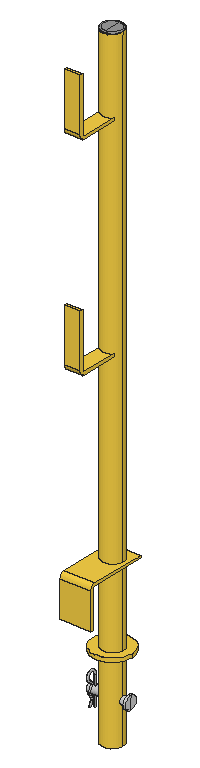
Revit family "SAFETY HANDRAIL POST_1902210", category Generic Models, Revit 2018
Family settings
  Can host rebar = No
  Round Connector Dimension = Use Diameter
  Part Type = Normal
  OmniClass Number = 35.51.14.00
  OmniClass Title = FORMWORK
  Work Plane-Based = Yes
  Always vertical = No
  Cut with Voids When Loaded = No
  Shared = Yes
  Room Calculation Point = No
Parameters
  VERSION = "20170217"  # constant formula
  URL = "www.ulmaconstruction.com/en"
  UNICLASS = ""
  Manufacturer = "ULMA CONSTRUCTION"  # constant formula
  ITEM_CODE = "1902210"
  FILTER [instance] = ""
  Default Elevation = 0.000 mm
  CLASSIFICATION_TITLE = ""
  CLASSIFICATION_NUMBER = ""
Reference planes
  plane 1 "Centro (Frontal/Posterior)": y = 0
  plane 2: z = 0
  plane 3 "Centro (Izquierda/Derecha)": x = 0
  plane 4 "0001": x = -34
Forms (mm)
  Extrusion 1, solid, material "ULMA YELLOW"
    sketch origin (0, 0, 0) x (1, 0, 0) y (0, 1, 0)
      loop
        circle (0, 0) r 21
    from -160 to 1080
  Revolve 2, solid, material "ULMA POLYPROPYLENE BLACK", detail levels fine
    sketch origin (0, 0, 0) x (0, 1, 0) y (0, 0, 1)
      loop
        line (0, 1083) -> (-18, 1083)
        arc (-18, 1083) -> (-19.414, 1082.414) -> (-20, 1081) r 2
        line (-20, 1081) -> (-20, 1080) -> (0, 1080) -> (0, 1083)
      axis (0, 1083) -> (0, 1080)
    angle from 0 to 360
  Extrusion 3, solid, material "ULMA YELLOW", detail levels fine
    sketch origin (0, 0, 0) x (0, 1, 0) y (0, 0, 1)
      loop
        line (-90.997, 942) -> (-90.997, 1046) -> (-96.997, 1046) -> (-96.997, 942)
        arc (-96.997, 942) -> (-93.482, 933.515) -> (-84.997, 930) r 12
        line (-84.997, 930) -> (-14.697, 930) -> (-14.697, 936) -> (-84.997, 936)
        arc (-84.997, 936) -> (-89.24, 937.757) -> (-90.997, 942) r 6
    from -15 to 15
  Extrusion 4, solid, material "ULMA YELLOW", detail levels fine
    sketch origin (0, 0, 0) x (0, 1, 0) y (0, 0, 1)
      loop
        line (-90.997, 532) -> (-90.997, 636) -> (-96.997, 636) -> (-96.997, 532)
        arc (-96.997, 532) -> (-93.482, 523.515) -> (-84.997, 520) r 12
        line (-84.997, 520) -> (-14.697, 520) -> (-14.697, 526) -> (-84.997, 526)
        arc (-84.997, 526) -> (-89.24, 527.757) -> (-90.997, 532) r 6
    from -15 to 15
  Extrusion 5, solid, material "ULMA YELLOW", detail levels fine
    sketch origin (0, 0, 111) x (0, 1, 0) y (0, 0, 1)
      loop
        line (30, 50) -> (-80, 50)
        arc (-80, 50) -> (-86.364, 47.364) -> (-89, 41) r 9
        line (-89, 41) -> (-89, -30) -> (-85, -30) -> (-85, 41)
        arc (-85, 41) -> (-83.536, 44.536) -> (-80, 46) r 5
        line (-80, 46) -> (30, 46) -> (30, 50)
    from -30 to 30
  Extrusion 6, solid, material "ULMA YELLOW"
    sketch origin (0, 0, 0) x (1, 0, 0) y (0, 1, 0)
      loop
        circle (0, 0) r 39
    from 0 to 7
  Revolve 7, solid, material "ULMA ZINC", detail levels fine
    sketch origin (0, 0, 0) x (1, 0, 0) y (0, 0, 1)
      loop
        line (-44, -80) -> (36, -80) -> (36, -67.5) -> (31, -67.5) -> (31, -72) -> (-43, -72) -> (-44, -73) -> (-44, -80)
      axis (-44, -80) -> (36, -80)
    angle from 0 to 360
  Sweep 8, solid, material "ULMA ZINC", detail levels fine
    path in 3D
      loop
        line (-34, 0, -110) -> (-34, 0, -53.5)
        arc (-34, 0, -53.5) -> (-34, -12.981, -45.428) -> (-34, -14.479, -60.64) r 9
        line (-34, -14.479, -60.64) -> (-34, -8.478, -65.245)
        arc (-34, -8.478, -65.245) -> (-34, -7.557, -66.698) -> (-34, -7.793, -68.402) r 2.5
        line (-34, -7.793, -68.402) -> (-34, -13.762, -79.628)
        arc (-34, -13.762, -79.628) -> (-34, -13.98, -80.197) -> (-34, -14.055, -80.802) r 2.5
        arc (-34, -14.055, -80.802) -> (-34, -13.98, -81.407) -> (-34, -13.762, -81.976) r 2.5
        line (-34, -13.762, -81.976) -> (-34, -7.793, -93.202)
        arc (-34, -7.793, -93.202) -> (-34, -7.503, -94.245) -> (-34, -7.682, -95.313) r 2.5
        line (-34, -7.682, -95.313) -> (-34, -12, -106)
    profile origin (-34, 0, -81.75) x (0, 1, 0) y (-1, 0, 0)
      loop
        circle (0, 0) r 1.5
Lines and regions (mm)
  reference lines
    curve 1: arc (-34, 0, -53.5) -> (-34, -9, -44.5) -> (-34, -18, -53.5) r 9
    curve 2: line (-34, 0, -110) -> (-34, 0, -53.5)
    curve 3: arc (-34, -14.479, -60.64) -> (-34, -12.981, -45.428) -> (-34, 0, -53.5) r 9
    curve 4: line (-34, -8.478, -65.245) -> (-34, -14.479, -60.64)
    curve 5: arc (-34, -7.793, -68.402) -> (-34, -7.557, -66.698) -> (-34, -8.478, -65.245) r 2.5
    curve 6: line (-34, -13.762, -79.628) -> (-34, -7.793, -68.402)
    curve 7: arc (-34, -14.055, -80.802) -> (-34, -13.98, -81.407) -> (-34, -13.762, -81.976) r 2.5
    curve 8: arc (-34, -13.762, -79.628) -> (-34, -13.98, -80.197) -> (-34, -14.055, -80.802) r 2.5
    curve 9: line (-34, -13.762, -81.976) -> (-34, -7.793, -93.202)
    curve 10: arc (-34, -7.682, -95.313) -> (-34, -7.503, -94.245) -> (-34, -7.793, -93.202) r 2.5
    curve 11: line (-34, -12, -106) -> (-34, -7.682, -95.313)
  sketch lines
    curve 12: line (-34, 0, -110) -> (-34, 0, -53.5)
    curve 13: arc (-34, -14.479, -60.64) -> (-34, -12.981, -45.428) -> (-34, 0, -53.5) r 9
    curve 14: line (-34, -8.478, -65.245) -> (-34, -14.479, -60.64)
    curve 15: arc (-34, -7.793, -68.402) -> (-34, -7.557, -66.698) -> (-34, -8.478, -65.245) r 2.5
    curve 16: line (-34, -13.762, -79.628) -> (-34, -7.793, -68.402)
    curve 17: arc (-34, -13.762, -79.628) -> (-34, -13.98, -80.197) -> (-34, -14.055, -80.802) r 2.5
    curve 18: arc (-34, -14.055, -80.802) -> (-34, -13.98, -81.407) -> (-34, -13.762, -81.976) r 2.5
    curve 19: line (-34, -13.762, -81.976) -> (-34, -7.793, -93.202)
    curve 20: arc (-34, -7.682, -95.313) -> (-34, -7.503, -94.245) -> (-34, -7.793, -93.202) r 2.5
    curve 21: line (-34, -12, -106) -> (-34, -7.682, -95.313)
  model lines, style "ULMA PROTECTION ITEMS", detail levels fine
    curve 22: circle (0, 0, 161) r 22 normal (0, 0, 1)
    curve 23: circle (0, 0, 157) r 22 normal (0, 0, 1)
Dimensions and locks
  aligned and locked: level to plane 2
